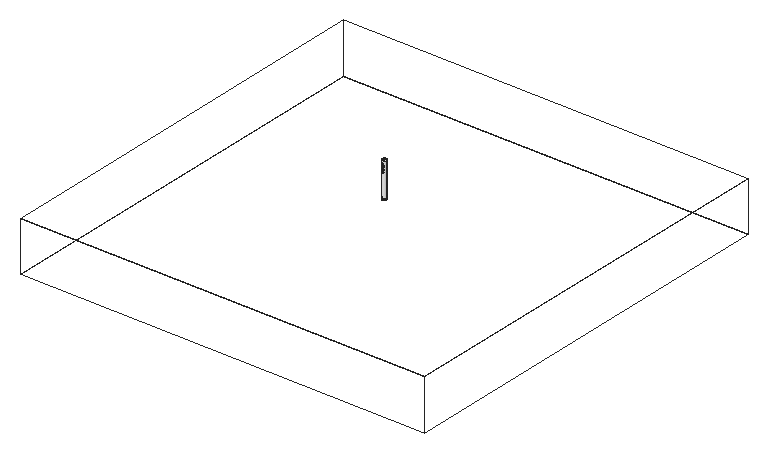
Revit family "VS-3000_SPEAKMAN_NEO HAND SHOWER WAND", category Plumbing Fixtures, host Face, Revit 2023
Family settings
  Host = Face
  Round Connector Dimension = Use Diameter
  Part Type = Normal
  Enable Cutting in Views = Yes
  Cut with Voids When Loaded = No
  Maintain Annotation Orientation = No
  Shared = No
  Room Calculation Point = No
Parameters
  MATERIAL_VS-3000 = MATERIAL_VS-3000
  Default Elevation = 4' - 0"
Reference planes (in)
  plane 1 "Center (Front/Back)": y = 0
  plane 2: z = 0
  plane 3 "Center (Left/Right)": x = 0
  plane 4: x = -0.5
  plane 5: x = 0.5
  plane 6: z = 8.375
  plane 7: y = 0.5
  plane 8: y = -0.5
  plane 9: z = 0.5
  plane 10: z = 0
Forms (in)
  Extrusion 1, solid, material "air"
    sketch origin (0, 0, 0) x (1, 0, 0) y (0, 1, 0)
      loop
        line (-48, 48) -> (-48, -48) -> (48, -48) -> (48, 48) -> (-48, 48)
    from 0 to -12
  Revolve 2, solid, material "MATERIAL_VS-3000" <- "MATERIAL_VS-3000"
    sketch origin (0, 0, 0) x (1, 0, 0) y (0, 0, 1)
      loop
        line (0, 0) -> (0.5, 0) -> (0.41388, 0.06031) -> (0.5, 0.12061) -> (0.41388, 0.18092) -> (0.5, 0.24122) -> (0.41388, 0.30153) -> (0.5, 0.36183) -> (0.41388, 0.42214) -> (0.5, 0.5) -> (0.5, 8.25597)
        arc (0.5, 8.25597) -> (0.4832, 8.26605) -> (0.46484, 8.27288) r 0.1065
        line (0.46484, 8.27288) -> (0.46484, 8.31172)
        arc (0.46484, 8.31172) -> (0.45594, 8.33344) -> (0.43528, 8.34456) r 0.0348
        arc (0.43528, 8.34456) -> (0.21825, 8.36851) -> (0, 8.375) r 2.72458
        line (0, 8.375) -> (0, 0)
      axis (0, 0) -> (0, 8.375)
    angle from 0 to 360
  Extrusion 3, void
    sketch origin (0, 0, 0) x (1, 0, 0) y (0, 0, 1)
      loop
        circle (-0.3327, 7.63578) r 0.0545
      loop
        circle (-0.3327, 7.63578) r 0.06086
      loop
        circle (-0.3327, 7.63578) r 0.02573
      loop
        circle (-0.11047, 7.63578) r 0.0545
      loop
        circle (-0.11047, 7.63578) r 0.06086
      loop
        circle (-0.11047, 7.63578) r 0.02573
      loop
        circle (0.11012, 7.63578) r 0.0545
      loop
        circle (0.11012, 7.63578) r 0.06086
      loop
        circle (0.11012, 7.63578) r 0.02573
      loop
        circle (0.33253, 7.63578) r 0.0545
      loop
        circle (0.33253, 7.63578) r 0.06086
      loop
        circle (0.33253, 7.63578) r 0.02573
      loop
        circle (-0.3327, 7.47155) r 0.0545
      loop
        circle (-0.3327, 7.47155) r 0.06086
      loop
        circle (-0.3327, 7.47155) r 0.02573
      loop
        circle (-0.11047, 7.47155) r 0.0545
      loop
        circle (-0.11047, 7.47155) r 0.06086
      loop
        circle (-0.11047, 7.47155) r 0.02573
      loop
        circle (0.11012, 7.47155) r 0.0545
      loop
        circle (0.11012, 7.47155) r 0.06086
      loop
        circle (0.11012, 7.47155) r 0.02573
      loop
        circle (0.33253, 7.47155) r 0.0545
      loop
        circle (0.33253, 7.47155) r 0.06086
      loop
        circle (0.33253, 7.47155) r 0.02573
      loop
        circle (-0.3327, 7.31962) r 0.0545
      loop
        circle (-0.3327, 7.31962) r 0.06086
      loop
        circle (-0.3327, 7.31962) r 0.02573
      loop
        circle (-0.11047, 7.31962) r 0.0545
      loop
        circle (-0.11047, 7.31962) r 0.06086
      loop
        circle (-0.11047, 7.31962) r 0.02573
      loop
        circle (0.11012, 7.31962) r 0.0545
      loop
        circle (0.11012, 7.31962) r 0.06086
      loop
        circle (0.11012, 7.31962) r 0.02573
      loop
        circle (0.33253, 7.31962) r 0.0545
      loop
        circle (0.33253, 7.31962) r 0.06086
      loop
        circle (0.33253, 7.31962) r 0.02573
      loop
        circle (-0.3327, 7.15539) r 0.0545
      loop
        circle (-0.3327, 7.15539) r 0.06086
      loop
        circle (-0.3327, 7.15539) r 0.02573
      loop
        circle (-0.11047, 7.15539) r 0.0545
      loop
        circle (-0.11047, 7.15539) r 0.06086
      loop
        circle (-0.11047, 7.15539) r 0.02573
      loop
        circle (0.11012, 7.15539) r 0.0545
      loop
        circle (0.11012, 7.15539) r 0.06086
      loop
        circle (0.11012, 7.15539) r 0.02573
      loop
        circle (0.33253, 7.15539) r 0.0545
      loop
        circle (0.33253, 7.15539) r 0.06086
      loop
        circle (0.33253, 7.15539) r 0.02573
      loop
        circle (-0.3327, 6.98192) r 0.0545
      loop
        circle (-0.3327, 6.98192) r 0.06086
      loop
        circle (-0.3327, 6.98192) r 0.02573
      loop
        circle (-0.11047, 6.98192) r 0.0545
      loop
        circle (-0.11047, 6.98192) r 0.06086
      loop
        circle (-0.11047, 6.98192) r 0.02573
      loop
        circle (0.11012, 6.98192) r 0.0545
      loop
        circle (0.11012, 6.98192) r 0.06086
      loop
        circle (0.11012, 6.98192) r 0.02573
      loop
        circle (0.33253, 6.98192) r 0.0545
      loop
        circle (0.33253, 6.98192) r 0.06086
      loop
        circle (0.33253, 6.98192) r 0.02573
      loop
        circle (-0.3327, 6.81769) r 0.0545
      loop
        circle (-0.3327, 6.81769) r 0.06086
      loop
        circle (-0.3327, 6.81769) r 0.02573
      loop
        circle (-0.11047, 6.81769) r 0.0545
      loop
        circle (-0.11047, 6.81769) r 0.06086
      loop
        circle (-0.11047, 6.81769) r 0.02573
      loop
        circle (0.11012, 6.81769) r 0.0545
      loop
        circle (0.11012, 6.81769) r 0.06086
      loop
        circle (0.11012, 6.81769) r 0.02573
      loop
        circle (0.33253, 6.81769) r 0.0545
      loop
        circle (0.33253, 6.81769) r 0.06086
      loop
        circle (0.33253, 6.81769) r 0.02573
      loop
        circle (-0.3327, 6.66577) r 0.0545
      loop
        circle (-0.3327, 6.66577) r 0.06086
      loop
        circle (-0.3327, 6.66577) r 0.02573
      loop
        circle (-0.11047, 6.66577) r 0.0545
      loop
        circle (-0.11047, 6.66577) r 0.06086
      loop
        circle (-0.11047, 6.66577) r 0.02573
      loop
        circle (0.11012, 6.66577) r 0.0545
      loop
        circle (0.11012, 6.66577) r 0.06086
      loop
        circle (0.11012, 6.66577) r 0.02573
      loop
        circle (0.33253, 6.66577) r 0.0545
      loop
        circle (0.33253, 6.66577) r 0.06086
      loop
        circle (0.33253, 6.66577) r 0.02573
      loop
        circle (-0.3327, 6.50154) r 0.0545
      loop
        circle (-0.3327, 6.50154) r 0.06086
      loop
        circle (-0.3327, 6.50154) r 0.02573
      loop
        circle (-0.11047, 6.50154) r 0.0545
      loop
        circle (-0.11047, 6.50154) r 0.06086
      loop
        circle (-0.11047, 6.50154) r 0.02573
      loop
        circle (0.11012, 6.50154) r 0.0545
      loop
        circle (0.11012, 6.50154) r 0.06086
      loop
        circle (0.11012, 6.50154) r 0.02573
      loop
        circle (0.33253, 6.50154) r 0.0545
      loop
        circle (0.33253, 6.50154) r 0.06086
      loop
        circle (0.33253, 6.50154) r 0.02573
      loop
        circle (-0.3327, 6.33562) r 0.0545
      loop
        circle (-0.3327, 6.33562) r 0.06086
      loop
        circle (-0.3327, 6.33562) r 0.02573
      loop
        circle (-0.11047, 6.33562) r 0.0545
      loop
        circle (-0.11047, 6.33562) r 0.06086
      loop
        circle (-0.11047, 6.33562) r 0.02573
      loop
        circle (0.11012, 6.33562) r 0.0545
      loop
        circle (0.11012, 6.33562) r 0.06086
      loop
        circle (0.11012, 6.33562) r 0.02573
      loop
        circle (0.33253, 6.33562) r 0.0545
      loop
        circle (0.33253, 6.33562) r 0.06086
      loop
        circle (0.33253, 6.33562) r 0.02573
      loop
        circle (-0.3327, 6.17139) r 0.0545
      loop
        circle (-0.3327, 6.17139) r 0.06086
      loop
        circle (-0.3327, 6.17139) r 0.02573
      loop
        circle (-0.11047, 6.17139) r 0.0545
      loop
        circle (-0.11047, 6.17139) r 0.06086
      loop
        circle (-0.11047, 6.17139) r 0.02573
      loop
        circle (0.11012, 6.17139) r 0.0545
      loop
        circle (0.11012, 6.17139) r 0.06086
      loop
        circle (0.11012, 6.17139) r 0.02573
      loop
        circle (0.33253, 6.17139) r 0.0545
      loop
        circle (0.33253, 6.17139) r 0.06086
      loop
        circle (0.33253, 6.17139) r 0.02573
      loop
        circle (-0.3327, 6.01947) r 0.0545
      loop
        circle (-0.3327, 6.01947) r 0.06086
      loop
        circle (-0.3327, 6.01947) r 0.02573
      loop
        circle (-0.11047, 6.01947) r 0.0545
      loop
        circle (-0.11047, 6.01947) r 0.06086
      loop
        circle (-0.11047, 6.01947) r 0.02573
      loop
        circle (0.11012, 6.01947) r 0.0545
      loop
        circle (0.11012, 6.01947) r 0.06086
      loop
        circle (0.11012, 6.01947) r 0.02573
      loop
        circle (0.33253, 6.01947) r 0.0545
      loop
        circle (0.33253, 6.01947) r 0.06086
      loop
        circle (0.33253, 6.01947) r 0.02573
      loop
        circle (-0.3327, 5.85523) r 0.0545
      loop
        circle (-0.3327, 5.85523) r 0.06086
      loop
        circle (-0.3327, 5.85523) r 0.02573
      loop
        circle (-0.11047, 5.85523) r 0.0545
      loop
        circle (-0.11047, 5.85523) r 0.06086
      loop
        circle (-0.11047, 5.85523) r 0.02573
      loop
        circle (0.11012, 5.85523) r 0.0545
      loop
        circle (0.11012, 5.85523) r 0.06086
      loop
        circle (0.11012, 5.85523) r 0.02573
      loop
        circle (0.33253, 5.85523) r 0.0545
      loop
        circle (0.33253, 5.85523) r 0.06086
      loop
        circle (0.33253, 5.85523) r 0.02573
    from -0.11473 to 0.66561
Cuts and joins
  Extrusion 3 cuts Revolve 2
Dimensions and locks (in)
  plane 4 to plane 5 = 0' - 1"  (x3)
  plane 6 to plane 9 = 0' - 7 7/8"  (x3)
  plane 7 to plane 8 = 0' - 1"
  plane 9 to plane 6 = 0' - 7 7/8"
  plane 8 to plane 7 = 0' - 1"
  Extrusion 1 to plane 6 = 0' - 8 3/8"
  plane 6 to Extrusion 1 = 0' - 8 3/8"  (x3)
  equal spacing: plane 4, plane 3 "Center (Left/Right)", plane 5
  aligned and locked: plane 2 to Extrusion 1
  aligned and locked: level to Extrusion 1
  aligned and locked: plane 6 to Revolve 2 sketch curve
Automatic sketch dimensions
  Extrusion 1 sketch curve to Extrusion 1 sketch curve = 8' - 0"  (x2)
  Revolve 2 sketch curve to level = 0' - 0"  (x2)
  Revolve 2 sketch curve to plane 3 "Center (Left/Right)" = 0' - 0"  (x2)
  plane 5 to Revolve 2 sketch curve = 0' - 0"  (x5)
  Revolve 2 sketch curve to plane 9 = 0' - 0"
  plane 3 "Center (Left/Right)" to Revolve 2 sketch curve = 0' - 0.02819"
  plane 5 to Revolve 2 sketch curve = 0' - 0.08612"  (x4)
  plane 5 to Revolve 2 sketch curve = 0' - 0.06992"
  plane 5 to Revolve 2 sketch curve = 0' - 0.06297"
  plane 5 to Revolve 2 sketch curve = 0' - 0 9/256"
  level to Revolve 2 sketch curve = 0' - 0.06031"
  Revolve 2 sketch curve to Revolve 2 sketch curve = 0' - 0.06031"  (x5)
  Revolve 2 sketch curve to plane 9 = 0' - 0.07786"
  Revolve 2 sketch curve to plane 6 = 0' - 2.72443"
  Revolve 2 sketch curve to plane 6 = 0' - 0.20493"
  Revolve 2 sketch curve to Revolve 2 sketch curve = 0' - 0.08589"
  Revolve 2 sketch curve to Revolve 2 sketch curve = 0' - 0.03727"
  Revolve 2 sketch curve to Revolve 2 sketch curve = 0' - 0.00157"
  Revolve 2 sketch curve to Revolve 2 sketch curve = 0' - 0.07388"
  Extrusion 3 sketch curve to Extrusion 3 sketch curve = 0' - 0"  (x1483)
  Extrusion 3 sketch curve to plane 4 = 0' - 0.1673"  (x4)
  Extrusion 3 sketch curve to plane 3 "Center (Left/Right)" = 0' - 0.11047"  (x12)
  plane 3 "Center (Left/Right)" to Extrusion 3 sketch curve = 0' - 0.11012"  (x12)
  plane 5 to Extrusion 3 sketch curve = 0' - 0.16747"  (x4)
  Extrusion 3 sketch curve to plane 6 = 0' - 2.51977"
  Extrusion 3 sketch curve to Extrusion 3 sketch curve = 0' - 0.16423"  (x6)
  Extrusion 3 sketch curve to Extrusion 3 sketch curve = 0' - 0.15192"  (x12)
  Extrusion 3 sketch curve to Extrusion 3 sketch curve = 0' - 0.16592"
  Extrusion 3 sketch curve to Extrusion 3 sketch curve = 0' - 0.17347"
  Extrusion 3 sketch curve to Extrusion 3 sketch curve = 0' - 0.02573"  (x48)
  Extrusion 3 sketch curve to Extrusion 3 sketch curve = 0' - 0.02877"  (x12)
  Extrusion 3 sketch curve to Extrusion 3 sketch curve = 0' - 0.00636"  (x48)
  Extrusion 3 sketch curve to Extrusion 3 sketch curve = 0' - 0.06086"  (x24)
  plane 3 "Center (Left/Right)" to Extrusion 3 sketch curve = 0' - 0.04926"  (x12)
